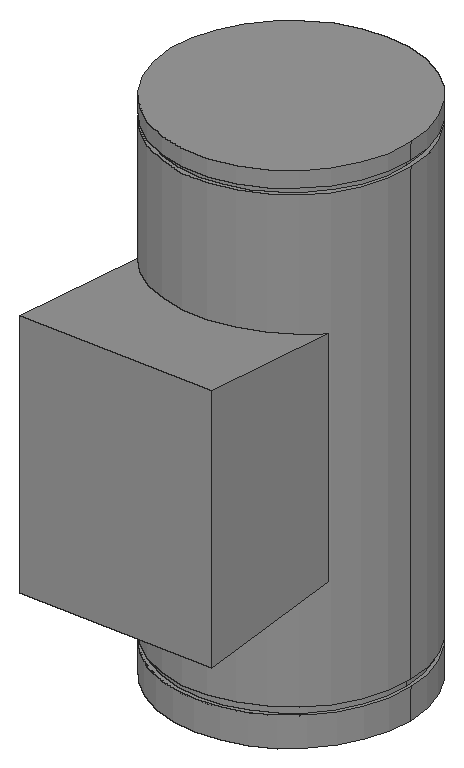
Revit family "OSWALD_2x50W_2xE27", category Lighting Fixtures, host Wall, Revit 2021
Family settings
  Host = Wall
  Round Connector Dimension = Use Diameter
  Part Type = Normal
  OmniClass Number = 23.80.70.00
  OmniClass Title = Lighting
  Always vertical = Yes
  Cut with Voids When Loaded = No
  Light Source = Yes
  Shared = No
  Room Calculation Point = No
Parameters
  Wattage = 16.1571 W
  built-in parameter 1150110 = 1 (stored number, unit not read)
  Type de lampe = "LED"
  Type de douille = "2xE27"
  Type = "Applique murale"
  built-in parameter 1114217 = 1 (stored number, unit not read)
  Tilt Angle = 90.00°
  built-in parameter 1150109 = 1 (stored number, unit not read)
  built-in parameter 1150134 = (empty or 0)
  built-in parameter 1150113 = 1 (stored number, unit not read)
  built-in parameter 1010507 = 1.5708 (stored number, unit not read)
  built-in parameter 1010506 = 0.5236 (stored number, unit not read)
  Puissance nominale = "Max 2x50W"
  Matériau = "Corps en aluminium moulé sous pression"
  Lumens = 2400 lm
  built-in parameter 1150115 = 1 (stored number, unit not read)
  built-in parameter 1150105 = 8024.6 (stored number, unit not read)
  built-in parameter 1150131 = 3048 mm
  built-in parameter 1150137 = (empty or 0)
  built-in parameter 1150139 = (empty or 0)
  built-in parameter 1150112 = 1 (stored number, unit not read)
  built-in parameter 1150114 = 1 (stored number, unit not read)
  built-in parameter 1150132 = 2
  built-in parameter 1150102 = (empty or 0)
  built-in parameter 1150138 = (empty or 0)
  built-in parameter 1150107 = 3000 (stored number, unit not read)
  built-in parameter 1150106 = 80.246 (stored number, unit not read)
  Fintion = "Gris anthracite"
  Emit from Circle Diameter = 609.6 mm
  Emit Shape Visible in Rendering = no
  built-in parameter 1150104 = 13.8 (stored number, unit not read)
  Dimming Lamp Color Temperature Shift = <None>
  Dimensions = "212 x 324 mm"
  Diffuseur = "Verre trempé"
  Default Elevation = 0 mm
  Color Filter = 16777215
  built-in parameter 1114218 = 1 (stored number, unit not read)
  Light Source Symbol Length = 3048 mm
  Angle du faisceau = "15°/30°/45°"
  Alimentation Driver = "AC 220-240V / 50Hz"
Reference planes
  plane 1: y = 0
  plane 2 "Light Source Axis (F/B)": y = 203.2
  plane 3 "Light Source Axis (L/R)": x = -36.356
  plane 4 "Light Source Elevation": z = 2000
Forms (mm)
  Extrusion 1, solid, material "Aluminum, Gris anthracite"
    sketch origin (-34.674, 212.029, 2199.605) x (0, 1, 0) y (-1, 0, 0)
      loop
        circle (0, 0) r 75
    from 124.395 to -199.605
  Extrusion 2, solid, material "Aluminum, Black"
    sketch origin (-34.674, 212.029, 2199.605) x (0, 1, 0) y (-1, 0, 0)
      loop
        circle (0, 0) r 60
      loop
        circle (0, 0) r 55
    from -199.605 to -190.574
  Extrusion 3, void
    sketch origin (-34.674, 212.029, 2199.605) x (0, 1, 0) y (-1, 0, 0)
      loop
        circle (0, 0) r 72.347
      loop
        circle (0, 0) r 80
    from -181.063 to -176.366
  Extrusion 4, void
    sketch origin (-34.674, 212.029, 2354.605) x (0, 1, 0) y (-1, 0, 0)
      loop
        circle (0, 0) r 72.347
      loop
        circle (0, 0) r 80
    from -44.381 to -40.605
  Extrusion 5, solid, material "Aluminum, Gris anthracite"
    sketch origin (-36.356, 0, 0) x (0, -1, 0) y (0, 0, 1)
      loop
        line (-75, 2239.5) -> (-170, 2231.189) -> (-170, 2092.811) -> (-75, 2084.5) -> (-75, 2239.5)
    from -61.424 to 58.262
  Extrusion 6, void
    sketch origin (0, 0, 2000) x (0, 1, 0) y (-1, 0, 0)
      loop
        circle (211.321, 34.636) r 75
    from 0 to 250
  Extrusion 7, solid, material "Glass, White, High Luminance"
    sketch origin (0, 0, 2000) x (0, 1, 0) y (-1, 0, 0)
      loop
        circle (212.089, 34.464) r 55.096
    from 0 to 9.031
  Extrusion 8, void
    sketch origin (0, -2.5, 2000) x (0, 1, 0) y (-1, 0, 0)
      loop
        circle (214.304, 34.637) r 61.229
    from -69.69 to 250
Cuts and joins
  Extrusion 3, Extrusion 4, Extrusion 8 cuts Extrusion 1
  Extrusion 6 cuts Extrusion 5
Lines and regions (mm)
  reference lines
    curve 1: line (-109.674, 203.2, 2000) -> (-109.674, 203.2, 2324)
    curve 2: line (-36.356, 75, 2000) -> (-36.356, 287, 2000)
    curve 3: line (-36.356, 287, 2000) -> (-36.356, 287, 2050)
    curve 4: line (-36.356, 137.029, 2324) -> (-36.356, 137.029, 2162)
    curve 5: line (-36.356, 137.029, 2162) -> (-36.356, 75, 2162)
    curve 6: line (-36.356, 75, 2162) -> (-36.356, 75, 2084.5)
    curve 7: line (-36.356, 75, 2084.5) -> (-36.356, 149.715, 2091.037)
    curve 8: line (-36.356, 75, 2162) -> (-36.356, 75, 2239.5)
    curve 9: line (-36.356, 75, 2239.5) -> (-36.356, 154.696, 2232.528)
    curve 10: line (-36.356, 75, 2239.5) -> (-36.356, 75, 2084.5)
Text (mm)
  text "Placement Side" at (0, 1019.848, 2973.606), in view "Right"
  text "Placement Side" at (-1787.662, 723.012, 0), in view "Ref. Level"
  text "Placement Side" at (0, 1206.291, 3020.473), in view "Left"
Dimensions and locks
  aligned and locked: plane 3 "Light Source Axis (L/R)" to imposter light
  aligned and locked: plane 2 "Light Source Axis (F/B)" to imposter light
  aligned and locked: plane 4 "Light Source Elevation" to imposter light
